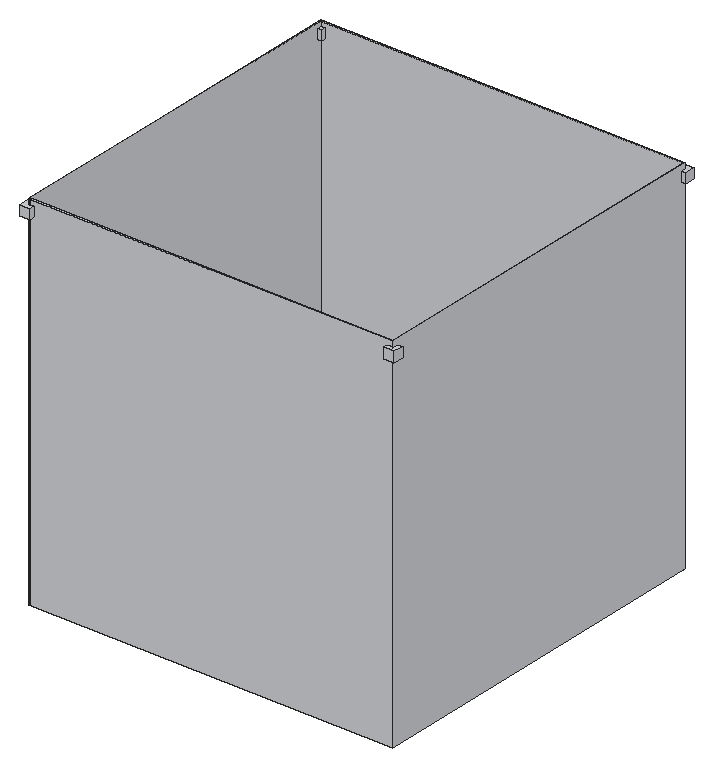
Revit family "Rectangular Floor Sleeve", category Duct Accessories, Revit 2021
Family settings
  Round Connector Dimension = Use Diameter
  Part Type = Breaks Into
  Work Plane-Based = No
  Always vertical = No
  Cut with Voids When Loaded = No
  Shared = No
Parameters (values of type "Rectangular Sleeve")
  eM_Point Description [instance] = ""
  eM_Fabrication Service Name [instance] = ""
  eM_Fabrication Service Abbreviation [instance] = ""
  eM4_Point Number [instance] = ""
  eM3_Point Number [instance] = ""
  eM2_Point Number [instance] = ""
  eM1_Point Number [instance] = ""
  Width [instance] = 3' - 0"
  TS_Point_Description [instance] = ""
  Metal Thickness [instance] = 0' - 0 15/256"  # constant formula
  Length [instance] = 3' - 0"
  Inside Width [instance] = Width - (Metal Thickness * 2)  # 2' - 11 113/128"
  Inside Length [instance] = Length - (Metal Thickness * 2)  # 2' - 11 113/128"
  Inside Height [instance] = Height - (Metal Thickness * 2)  # 2' - 11 113/128"
  Height [instance] = 3' - 0"
  GTP_PointRole_3 [instance] = ""
  GTP_PointRole_2 [instance] = ""
  GTP_PointRole_1 [instance] = ""
  GTP_PointRole_0 [instance] = ""
  GTP_PointNumber_3 [instance] = ""
  GTP_PointNumber_2 [instance] = ""
  GTP_PointNumber_1 [instance] = ""
  GTP_PointNumber_0 [instance] = ""
  GTP_PointElement_3 [instance] = ""
  GTP_PointElement_2 [instance] = ""
  GTP_PointElement_1 [instance] = ""
  GTP_PointElement_0 [instance] = ""
  GTP_LinkedParam_3 [instance] = "GTP_PointNumber_3"
  GTP_LinkedParam_2 [instance] = "GTP_PointNumber_2"
  GTP_LinkedParam_1 [instance] = "GTP_PointNumber_1"
  GTP_LinkedParam_0 [instance] = "GTP_PointNumber_0"
  Fabrication Service Type = "Floor Opening"
  Fabrication Service Name [instance] = ""
  Fabrication Service Abbreviation [instance] = ""
  Default Elevation = 0' - 0"
  Center [instance] = Length / 2  # 1' - 6"
Reference planes (in)
  plane 1 "Center (Front/Back)": y = 0
  plane 2: z = 0
  plane 3 "Center (Left/Right)": x = 0
Forms (in)
  Extrusion 1, solid
    sketch origin (0, 0, 0) x (1, 0, 0) y (0, 1, 0)
      loop
        line (-18, 18) -> (-18, -18) -> (18, -18) -> (18, 18) -> (-18, 18)
    from 0 to -36
  Extrusion 2, void
    sketch origin (0, 0, 0) x (1, 0, 0) y (0, 1, 0)
      loop
        line (-17.94141, 17.94141) -> (-17.94141, -17.94141) -> (17.94141, -17.94141) -> (17.94141, 17.94141) -> (-17.94141, 17.94141)
    from 0 to -36
Cuts and joins
  Extrusion 2 cuts Extrusion 1
Lines and regions (in)
  reference lines
    curve 1: line (-18, 18, 0) -> (18, 18, 0)
    curve 2: line (-18, -18, 0) -> (-18, 18, 0)
    curve 3: line (18, -18, 0) -> (-18, -18, 0)
    curve 4: line (-20.55859, 17.94141, 0) -> (17.94141, 17.94141, 0)
    curve 5: line (-17.94141, -19.80859, 0) -> (-17.94141, 17.94141, 0)
    curve 6: line (17.94141, -17.94141, 0) -> (-20.55859, -17.94141, 0)
    curve 7: line (17.94141, 17.94141, 0) -> (17.94141, -19.55859, 0)
    curve 8: line (-21.6128, 0, -36) -> (20.3872, 0, -36)
    curve 9: line (-21.6128, 0, 0) -> (20.3872, 0, 0)
Dimensions and locks (in)
  equal spacing: curve 3, plane 1 "Center (Front/Back)", curve 1
  equal spacing: curve 6, plane 1 "Center (Front/Back)", curve 4
  equal spacing: curve 5, plane 3 "Center (Left/Right)", curve 7
  "Height": curve 3 to curve 1
  "Inside Height": curve 6 to curve 4
  "Inside Width": curve 5 to curve 7
  "Length": curve 9 to curve 8
  "Width": cut or joined group of Extrusion 1, Extrusion 2 to cut or joined group of Extrusion 1, Extrusion 2
  equal spacing: cut or joined group of Extrusion 1, Extrusion 2, plane 3 "Center (Left/Right)", cut or joined group of Extrusion 1, Extrusion 2
  aligned and locked: plane 2 to level
  aligned and locked: Extrusion 2 to curve 6
  aligned and locked: Extrusion 2 to curve 5
  aligned and locked: Extrusion 2 to curve 4
  aligned and locked: Extrusion 2 to curve 7
  aligned and locked: curve 9 to plane 2
  aligned and locked: curve 2 to nested 1
  aligned and locked: nested 1 to curve 1
  aligned and locked: curve 1 to nested 4
  aligned and locked: nested 3 to curve 3
  aligned and locked: nested 2 to curve 3
  aligned and locked: nested 2 to curve 2
  aligned and locked: curve 8 to cut or joined group of Extrusion 1, Extrusion 2  (x2)
  aligned and locked: cut or joined group of Extrusion 1, Extrusion 2 to curve 3
  aligned and locked: cut or joined group of Extrusion 1, Extrusion 2 to curve 1
  aligned and locked: plane 2 to cut or joined group of Extrusion 1, Extrusion 2
  aligned and locked: cut or joined group of Extrusion 1, Extrusion 2 to nested 4
  aligned and locked: nested 3 to cut or joined group of Extrusion 1, Extrusion 2
Automatic sketch dimensions
  plane 1 "Center (Front/Back)" to Extrusion 1 sketch curve = 1' - 6"
  Extrusion 1 sketch curve to plane 3 "Center (Left/Right)" = 1' - 6"
  plane 3 "Center (Left/Right)" to Extrusion 1 sketch curve = 1' - 6"
  Extrusion 1 sketch curve to plane 1 "Center (Front/Back)" = 1' - 6"
  plane 1 "Center (Front/Back)" to Extrusion 2 sketch curve = 1' - 5 241/256"
  Extrusion 2 sketch curve to plane 3 "Center (Left/Right)" = 1' - 5 241/256"
  plane 3 "Center (Left/Right)" to Extrusion 2 sketch curve = 1' - 5 241/256"
  Extrusion 2 sketch curve to plane 1 "Center (Front/Back)" = 1' - 5 241/256"
  curve 9 to plane 3 "Center (Left/Right)" = 1' - 9.6128"
  curve 8 to plane 3 "Center (Left/Right)" = 1' - 9.6128"
  plane 3 "Center (Left/Right)" to curve 9 = 1' - 8.3872"
  plane 3 "Center (Left/Right)" to curve 8 = 1' - 8.3872"
  curve 3 to curve 5 = 0' - 0 15/256"
  curve 6 to curve 2 = 0' - 2 143/256"
  curve 4 to curve 1 = 0' - 2 143/256"
  curve 4 to curve 1 = 0' - 0 15/256"
  curve 6 to curve 3 = 0' - 0 15/256"
  curve 7 to curve 3 = 0' - 1 143/256"
  curve 5 to curve 2 = 0' - 1 207/256"
Nested families (in)
  nested 1: "GTP" at (-18, 18, -1), PointNumber <- "GTP_PointNumber_0", PointRole <- "GTP_PointRole_0", PointElement <- "GTP_PointElement_0", LinkedParam <- "GTP_LinkedParam_0", PointDescription <- "TS_Point_Description", type "Generic Pt"
    with PointRole "", PointNumber "", PointElement "", PointDescription "", LinkedParam "GTP_PointNumber_0"
  nested 2: "GTP" at (-18, -18, -1), PointNumber <- "GTP_PointNumber_1", PointRole <- "GTP_PointRole_1", PointElement <- "GTP_PointElement_1", LinkedParam <- "GTP_LinkedParam_1", PointDescription <- "TS_Point_Description", type "Generic Pt"
    with PointRole "", PointNumber "", PointElement "", PointDescription "", LinkedParam "GTP_PointNumber_1"
  nested 3: "GTP" at (18, -18, -1), PointNumber <- "GTP_PointNumber_2", PointRole <- "GTP_PointRole_2", PointElement <- "GTP_PointElement_2", LinkedParam <- "GTP_LinkedParam_2", PointDescription <- "TS_Point_Description", type "Generic Pt"
    with PointRole "", PointNumber "", PointElement "", PointDescription "", LinkedParam "GTP_PointNumber_2"
  nested 4: "GTP" at (18, 18, -1), PointNumber <- "GTP_PointNumber_3", PointRole <- "GTP_PointRole_3", PointElement <- "GTP_PointElement_3", LinkedParam <- "GTP_LinkedParam_3", PointDescription <- "TS_Point_Description", type "Generic Pt"
    with PointRole "", PointNumber "", PointElement "", PointDescription "", LinkedParam "GTP_PointNumber_3"
Definition of nested family "GTP"
  Parameters (values of type "Generic Pt")
    URL = ""
    PointRole [instance] = "Stake Out"
    PointNumber [instance] = ""
    PointElement [instance] = ""
    PointDescription [instance] = "Generic Pt"
    Manufacturer = "Autodesk Inc."
    LinkedParam [instance] = ""
    Default Elevation = 0' - 0"
  Reference planes (in)
    plane 1 "Center (Front/Back)": y = 0
    plane 2: z = 0
    plane 3 "Center (Left/Right)": x = 0
  Forms (in)
    Extrusion 1, solid, detail levels medium+fine
      sketch origin (0, 0, 0) x (1, 0, 0) y (0, 1, 0)
        loop
          line (0.5, -0.5) -> (0.5, 0.5) -> (-0.5, 0.5) -> (-0.5, -0.5) -> (0.5, -0.5)
      from -0.5 to 0.5
  Lines and regions (in)
    model lines, detail levels coarse+medium
      curve 1: line (0, 0.5, 0) -> (0, 0, 0)
      curve 2: line (-0.5, 0, 0) -> (0, 0, 0)
      curve 3: line (0, 0, -0.5) -> (0, 0, 0)
      curve 4: line (0, 0, 0) -> (0.5, 0, 0)
      curve 5: line (0, 0, 0) -> (0, -0.5, 0)
      curve 6: line (0, 0, 0) -> (0, 0, 0.5)
